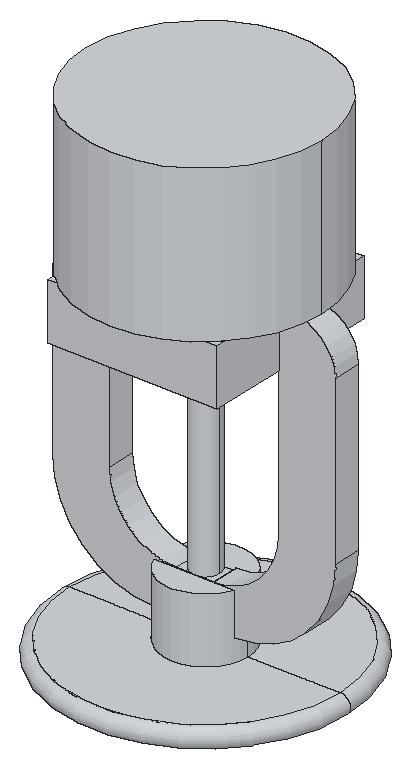
Revit family
Parameters (values of type "RASCO F1FR-300 PENDENT")
  Temperature Rating = 286 °F
  Response = 1
  RASCO SIN # = "R5612"
  RASCO Part # = "F1FRP3LB3"
  Pressure Rating = "300 PSI"
  Pressure Class = 1
  Orifice Size = 17/32"
  Orifice = (empty or 0)
  Model = "F1FR-300"
  Manufacturer = "RASCO"
  K-Factor = 8
  Description = "Bronze Finish"
  Coverage = (empty or 0)
Reference planes (in)
  plane 1 "Center (Front/Back)": y = 0
  plane 2: z = 0
  plane 3 "Center (Left/Right)": x = 0
Dimensions and locks (in)
  aligned and locked: plane 2 to level
Nested families (in)
  nested 1: "F1FRP3LB3" at (-0.01148, 0, 2.4375) x (-1, 0, 0) z (0, 0, -1), type "RASCO F1FR-300 PENDENT"
Connectors (in)
  piping at (-0.01148, 0, 2.4375)
    settings: on nested 1, index 1, connector radius 1/2", flow factor 0, pipe flow 0 GPM, pressure drop 0.00 psi, fitting loss kfactor 0, connector angle 0.00°, fixture units 0, flow configuration 0, flow direction 0, fitting loss method 0, system type 7, connector reference index -1, connector utility 0, adjustable connector no, is connector primary yes, fitting loss table "", connector description ""
Definition of nested family "F1FRP3LB3"
  Parameters (values of type "RASCO F1FR-300 PENDENT")
    Type Comments = ""
    Temperature Rating = 0 °F
    Response = (empty or 0)
    Pressure Rating = "0"
    Pressure Class = (empty or 0)
    Orifice Size = 0"
    Orifice = (empty or 0)
    Model = ""
    Manufacturer = ""
    K-Factor = 0
    Description = ""
    Coverage = (empty or 0)
    Assembly Code = ""
  Reference planes (in)
    plane 1 "Center (Front/Back)": y = 0
    plane 2: z = 0
    plane 3 "ref.2": z = 0.6875
    plane 4 "ref.3": z = 0.9375
    plane 5: x = -0.38065
    plane 6: x = 0.36935
    plane 7 "ref. side 1": y = 0.06402
    plane 8 "ref. side 2": y = -0.06098
    plane 9 "ref.4": z = 1.875
    plane 10 "ref.5": z = 2.3125
    plane 11 "ref.6": z = 2.4375
  Forms (in)
    Extrusion 1, solid
      sketch origin (0, 0, 0) x (1, 0, 0) y (0, 1, 0)
        loop
          circle (0, 0) r 0.5221
      from 0 to 0.6875
    Extrusion 2, solid
      sketch origin (-0.12185, 0.05177, 0.6875) x (1, 0, 0) y (0, 1, 0)
        loop
          line (-0.2588, 0.356) -> (-0.2588, -0.4565) -> (0.4912, -0.4565) -> (0.4912, 0.356) -> (-0.2588, 0.356)
      from 0 to 0.25
    Extrusion 3, solid
      sketch origin (0, 0, 0) x (1, 0, 0) y (0, 0, 1)
        loop
          line (-0.38065, 0.69674) -> (-0.38065, 1.58397)
          arc (-0.38065, 1.58397) -> (-0.29541, 1.78976) -> (-0.08962, 1.875) r 0.29103
          line (-0.08962, 1.875) -> (0.07524, 1.875)
          arc (0.07524, 1.875) -> (0.28321, 1.78886) -> (0.36935, 1.58089) r 0.29411
          line (0.36935, 1.58089) -> (0.36935, 0.69728)
          arc (0.36935, 0.69728) -> (0.54046, 0.72329) -> (0.61935, 0.87734) r 0.18984
          line (0.61935, 0.87734) -> (0.61935, 1.61676)
          arc (0.61935, 1.61676) -> (0.48879, 1.93194) -> (0.17361, 2.0625) r 0.44574
          line (0.17361, 2.0625) -> (-0.18509, 2.0625)
          arc (-0.18509, 2.0625) -> (-0.50015, 1.932) -> (-0.63065, 1.61694) r 0.44556
          line (-0.63065, 1.61694) -> (-0.63065, 0.87876)
          arc (-0.63065, 0.87876) -> (-0.55196, 0.72414) -> (-0.38065, 0.69674) r 0.19126
      from -0.06402 to 0.06098
    Extrusion 4, solid
      sketch origin (0, 0, 0.9375) x (-1, 0, 0) y (0, -1, 0)
        loop
          circle (0.00574, -0.00152) r 0.0625
      from 0 to 0.9375
    Extrusion 5, solid
      sketch origin (0, 0, 1.875) x (-1, 0, 0) y (0, -1, 0)
        loop
          circle (0.00574, -0.00152) r 0.1875
      from 0 to 0.4375
    Revolve 6, solid
      sketch origin (0, 0, -0.2777) x (1, 0, 0) y (0, 0, 1)
        loop
          line (-0.19324, 2.43908) -> (-0.19324, 2.52696) -> (-0.60331, 2.52696)
          arc (-0.60331, 2.52696) -> (-0.64725, 2.48302) -> (-0.60331, 2.43908) r 0.04394
          line (-0.60331, 2.43908) -> (-0.19324, 2.43908)
        axis (-0.00574, 2.43908) -> (-0.00574, 2.52696)
      angle from 0 to 360
  Cuts and joins
    joined: Extrusion 1, Extrusion 2, Extrusion 4, Revolve 6
  Lines and regions (in)
    model lines
      curve 1: line (-0.00574, 0.06402, 1.875) -> (-0.00574, -0.06098, 1.875)
  Dimensions and locks (in)
    Extrusion 3 to Extrusion 3 = 0' - 1 1/4"
    Extrusion 5 to cut or joined group of Extrusion 1, Extrusion 2, Extrusion 4, Revolve 6 = 0' - 2 5/16"
